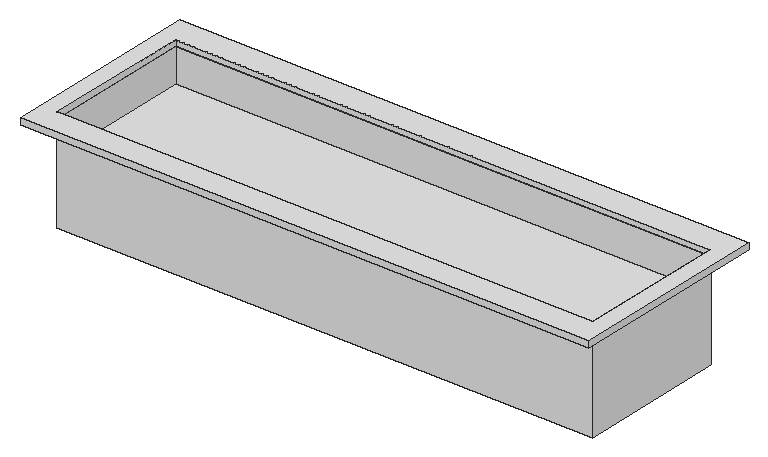
Revit family "6L-R-D", category Lighting Fixtures, host Face, Revit 2021
Family settings
  Host = Face
  Round Connector Dimension = Use Diameter
  Part Type = Normal
  OmniClass Number = 23.80.70.11
  OmniClass Title = Luminaries for Internal Lighting
  Cut with Voids When Loaded = No
  Light Source = Yes
  Shared = No
  Room Calculation Point = No
Parameters (values of type "6L-R-D")
  Watts = 5 W
  Wattage = 20 W
  built-in parameter 1150110 = 1 (stored number, unit not read)
  Voltage = 120 V
  built-in parameter 1114217 = 1 (stored number, unit not read)
  Tilt Angle = -90.00°  # constant formula
  built-in parameter 1150109 = 1 (stored number, unit not read)
  built-in parameter 1150134 = 12
  built-in parameter 1150113 = 1 (stored number, unit not read)
  Power factor = 1
  Photometric Web File = "generic"
  built-in parameter 1150142 = (empty or 0)
  Emit from Rectangle Width = 6.500"  # constant formula
  Emit from Rectangle Length = Length - 2.000"  # 22.000"
  Emit Shape Visible in Rendering = no
  Circuiting = "1 Circuit"  # constant formula
  zzLength1 = 8.438"
  Distribution = "Direct"  # constant formula
  built-in parameter 1150105 = 188.25 (stored number, unit not read)
  Lumens = 2365.6 lm
  built-in parameter 1150115 = 1 (stored number, unit not read)
  Load Classification = Lighting
  built-in parameter 1150137 = (empty or 0)
  built-in parameter 1150139 = (empty or 0)
  Length = 24.000"
  Wattage Comments = "5-10W"
  URL = "https://www.currentlighting.com/litecontrol"
  Product Page URL = ""
  Product Documentation Link = ""
  Model = "6L-R-D"  # constant formula
  Manufacturer = "Litecontrol"  # constant formula
  built-in parameter 1150112 = 1 (stored number, unit not read)
  built-in parameter 1150114 = 1 (stored number, unit not read)
  Lamp = "LED Lamp"  # constant formula
  Opal lens = Glass
  built-in parameter 1150132 = 1
  built-in parameter 1150102 = (empty or 0)
  built-in parameter 1150107 = 4000 (stored number, unit not read)
  built-in parameter 1150138 = (empty or 0)
  built-in parameter 1150106 = 1.8825 (stored number, unit not read)
  built-in parameter 1150104 = 10.989 (stored number, unit not read)
  Dimming Lamp Color Temperature Shift = <None>
  Description = "MOD 6 LED Recessed Slot"  # constant formula
  Default Elevation = 48.000"
  Color Filter = 16777215
  built-in parameter 1114218 = 1 (stored number, unit not read)
  Material Finish = Paint - Matte White
  Dimming = "D10"  # constant formula
  built-in parameter 1150133 = 10 (stored number, unit not read)
  Apparent Load = 0 VA
Reference planes (in)
  plane 1 "Center (Front/Back)": y = 13.01342
  plane 2: z = 0
  plane 3 "Center (Left/Right)": x = 0
  plane 4: x = -12
  plane 5: x = 12
  plane 6: x = -4.219
  plane 7: x = 4.219
  plane 8: z = -4.125
Forms (in)
  Extrusion 1, void
    sketch origin (0, 0, 0) x (1, 0, 0) y (0, 1, 0)
      loop
        line (-11.3173, 16.13242) -> (-11.3173, 9.89442) -> (11.313, 9.89442) -> (11.313, 16.13242) -> (-11.3173, 16.13242)
    from 0 to -4.125
Dimensions and locks (in)
  equal spacing: plane 5, plane 3 "Center (Left/Right)", plane 4
  "Length": plane 5 to plane 4
  equal spacing: plane 7, plane 3 "Center (Left/Right)", plane 6
  "zzLength1": plane 7 to plane 6
  locked: plane 2 to plane 8 at 4.125
  aligned and locked: plane 2 to host face
  aligned and locked: level to host face
  aligned and locked: nested 1 to plane 3 "Center (Left/Right)"
  aligned and locked: plane 3 "Center (Left/Right)" to imposter light
  aligned and locked: nested 1 to plane 1 "Center (Front/Back)"
  aligned and locked: plane 2 to imposter light
  aligned and locked: nested 1 to Extrusion 1 sketch curve  (x3)
  aligned and locked: Extrusion 1 sketch curve to nested 1
  aligned and locked: Extrusion 1 to plane 8
Automatic sketch dimensions
  host sketch curve to host sketch curve = 96.000"  (x2)
Nested families (in)
  nested 1: "6L-R-D" at (0, 27.08934, -4.125) x (-1, 0, 0) z (0, 0, 1), Opal lens <- "Opal lens", Ballast <- "Material Finish", type "Model"
    with Opal lens Glass, Ballast Paint - Matte White
Connectors (in)
  electrical at (-0.00215, 13.01342, -4.125), driven by "Load Classification", driven by "Voltage", driven by "Apparent Load"
    settings: on nested 1, index 1, voltage 120 V, apparent load 0 VA, apparent load phase1 0 VA, apparent load phase2 0 VA, apparent load phase3 0 VA, power factor 1, load classification "Lighting", number of poles 1, system type 30, power factor state 1, is connector primary yes, connector utility no, sub classification motor no, connector description "Lighting Connector"
Definition of nested family "6L-R-D"
  Parameters
    Width = 8.438"
    Wattage Comments = ""
    Length = 24.000"
    URL = ""
    Product Page URL = ""
    Product Documentation Link = ""
    Model = ""
    Manufacturer Phone = ""
    Manufacturer Fax = ""
    Manufacturer = ""
    Opal lens [instance] = none
    Lamp = ""
    Description = ""  # constant formula
    Default Elevation = 48.000"
    Ballast [instance] = none
  Reference planes (in)
    plane 1 "Center (Front/Back)": y = 14.07592
    plane 2: z = 0
    plane 3 "Center (Left/Right)": x = 0
    plane 4: x = 12
    plane 5: x = -12
    plane 6: x = -11.313
    plane 7: x = 11.3173
    plane 8: y = 18.29492
    plane 9: y = 9.85692
    plane 10: z = 2.75
    plane 11: y = 17.19492
    plane 12: y = 10.95692
    plane 13: z = 4.375
    plane 14: x = -11.253
    plane 15: x = 11.2573
    plane 16: y = 17.13492
    plane 17: y = 11.01692
  Forms (in)
    Extrusion 1, solid
      sketch origin (0, 12.79105, 0) x (1, 0, 0) y (0, 1, 0)
        loop
          line (-48, 48) -> (-48, -48) -> (48, -48) -> (48, 48) -> (-48, 48)
      from 0 to -6
    Extrusion 2, solid, material <- "Opal lens"
      sketch origin (0, 0, 0) x (1, 0, 0) y (0, 1, 0)
        loop
          line (-11.313, 17.19492) -> (-11.313, 10.95692) -> (11.3173, 10.95692) -> (11.3173, 17.19492) -> (-11.313, 17.19492)
      from 4.12511 to 4.375
    Extrusion 3, solid, material <- "Ballast"
      sketch origin (0, 0, 0) x (1, 0, 0) y (0, 1, 0)
        loop
          line (-12, 18.29492) -> (-12, 9.85692) -> (12, 9.85692) -> (12, 18.29492) -> (-12, 18.29492)
        loop
          line (11.3173, 17.19492) -> (-11.313, 17.19492) -> (-11.313, 10.95692) -> (11.3173, 10.95692) -> (11.3173, 17.19492)
      from 4.12511 to 4.375
    Extrusion 4, solid, material <- "Ballast"
      sketch origin (0, 0, 0) x (1, 0, 0) y (0, 1, 0)
        loop
          line (-11.313, 17.19492) -> (-11.313, 10.95692) -> (11.3173, 10.95692) -> (11.3173, 17.19492) -> (-11.313, 17.19492)
      from 0 to 4.12511
    Extrusion 5, void
      sketch origin (0, 0, 0) x (1, 0, 0) y (0, 1, 0)
        loop
          line (-11.253, 17.13492) -> (-11.253, 11.01692) -> (11.2573, 11.01692) -> (11.2573, 17.13492) -> (-11.253, 17.13492)
      from 2.75 to 4.12511
  Cuts and joins
    Extrusion 5 cuts Extrusion 2
    Extrusion 5 cuts Extrusion 3
    Extrusion 5 cuts Extrusion 4
  Dimensions and locks (in)
    "Length": plane 5 to plane 4
    equal spacing: plane 5, plane 3 "Center (Left/Right)", plane 4
    plane 10 to Extrusion 1 = 2.750"
    plane 1 "Center (Front/Back)" to plane 8 = 4.219"
    locked: plane 8 to plane 11 at 1.1
    locked: plane 12 to plane 9 at 1.1
    locked: plane 5 to plane 6 at 0.687
    locked: plane 7 to plane 4 at 0.6827
    plane 13 to plane 2 = 4.375"
    locked: plane 6 to plane 14 at 0.06
    locked: plane 11 to plane 16 at 0.06
    locked: plane 12 to plane 17 at 0.06
    locked: plane 15 to plane 7 at 0.06
    "Width": plane 8 to plane 9
    equal spacing: plane 8, plane 1 "Center (Front/Back)", plane 9
    aligned and locked: plane 2 to Extrusion 1
    aligned and locked: level to Extrusion 1
    aligned and locked: plane 11 to Extrusion 3 sketch curve
    aligned and locked: Extrusion 3 sketch curve to plane 12
    aligned and locked: Extrusion 2 sketch curve to plane 11
    aligned and locked: plane 12 to Extrusion 2 sketch curve
    aligned and locked: plane 4 to Extrusion 3
    aligned and locked: Extrusion 4 sketch curve to Extrusion 2  (x4)
  Automatic sketch dimensions
    Extrusion 1 sketch curve to Extrusion 1 sketch curve = 96.000"  (x2)
    plane 6 to Extrusion 3 sketch curve = 0.000"
    plane 7 to Extrusion 3 sketch curve = 0.000"
    Extrusion 3 sketch curve to plane 7 = 0.6827"
    Extrusion 3 sketch curve to plane 9 = 0.000"
    Extrusion 3 sketch curve to plane 6 = 0.687"
    Extrusion 3 sketch curve to plane 8 = 0.000"
    Extrusion 2 sketch curve to plane 6 = 0.000"
    Extrusion 2 sketch curve to plane 7 = 0.000"
    Extrusion 5 sketch curve to plane 14 = 0.000"
    Extrusion 5 sketch curve to plane 15 = 0.000"
    plane 17 to Extrusion 5 sketch curve = 0.000"
    Extrusion 5 sketch curve to plane 16 = 0.000"
